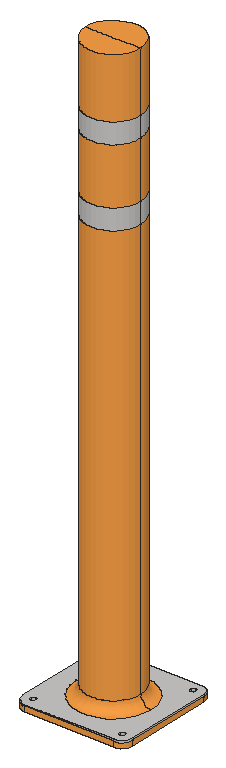
Revit family "Pilona BAR atornillable", category Furniture, Revit 2020
Family settings
  OmniClass Number = 23.40.20.00
  OmniClass Title = General Furniture and Specialties
  Work Plane-Based = No
  Always vertical = Yes
  Cut with Voids When Loaded = No
  Shared = No
  Room Calculation Point = No
Parameters (values of type "Pilona BAR atornillable-H414VA-80mm")
  URL_Producto = "https://www.benito.com/es/mobiliario-urbano/pilonas-flexibles/bar-atornillable--H214VA.html"
  Type Comments = "Absorbe cualquier impacto de vehículos y recupera la verticalidad al 100%. Supera una flexión de 1500 ciclos a 45º y 50 ciclos a 90º, sin daños. Clasificación “E” de comportamiento al fuego, según norma UNE-EN\r\n13501-1:2007+A1:2010. Resistente a -50º según norma UNE ISO 812."
  Referencia = "H414VA"
  Material = Polyurethane
  H = 0.870 m
  Ficha_Tecnica = "https://www.benito.com/es/download/data-sheet-H214VA"
  Fabricante = "BENITO URBAN SL"
  Description = "Pilona fabricada en poliuretano, con placa de refuerzo en acero inoxidable"
  Default Elevation = 0.000 m
  B = 0.160 m
  A = 0.080 m
Reference planes (m)
  plane 1 "Center (Front/Back)": y = 0
  plane 2: z = 0
  plane 3 "Center (Left/Right)": x = 0
  plane 4: z = 0.01
  plane 5: z = 0.87
  plane 6: y = 0.08
  plane 7: y = -0.08
  plane 8: x = -0.04
  plane 9: x = 0.04
Forms (m)
  Revolve 1, solid, material "Polyurethane"
    sketch origin (0, 0, 0) x (1, 0, 0) y (0, 0, 1)
      loop
        line (0, 0.87) -> (-0.04, 0.87) -> (-0.04, 0.7825) -> (-0.038957, 0.7825) -> (-0.038957, 0.7525) -> (-0.04, 0.7525) -> (-0.04, 0.67) -> (-0.038957, 0.67) -> (-0.038957, 0.64) -> (-0.04, 0.64) -> (-0.04, 0.025)
        arc (-0.04, 0.025) -> (-0.044393, 0.014393) -> (-0.055, 0.01) r 0.015
        line (-0.055, 0.01) -> (0, 0.01) -> (0, 0.87)
      axis (0, 0.87) -> (0, 0.01)
    angle from 0 to 360
  Revolve 2, solid, material "Stainless Steel"
    sketch origin (0, 0, 0) x (1, 0, 0) y (0, 0, 1)
      loop
        line (-0.04, 0.7825) -> (-0.04, 0.7525) -> (-0.038957, 0.7525) -> (-0.038957, 0.7825) -> (-0.04, 0.7825)
      loop
        line (-0.04, 0.67) -> (-0.04, 0.64) -> (-0.038957, 0.64) -> (-0.038957, 0.67) -> (-0.04, 0.67)
      axis (0, 0.7825) -> (0, 0.64)
    angle from 0 to 360
  Extrusion 3, solid, material "Polyurethane"
    sketch origin (0, 0, 0) x (1, 0, 0) y (0, 1, 0)
      loop
        arc (-0.065, 0.08) -> (-0.075607, 0.075607) -> (-0.08, 0.065) r 0.015
        line (-0.08, 0.065) -> (-0.08, -0.065)
        arc (-0.08, -0.065) -> (-0.075607, -0.075607) -> (-0.065, -0.08) r 0.015
        line (-0.065, -0.08) -> (0.065, -0.08)
        arc (0.065, -0.08) -> (0.075607, -0.075607) -> (0.08, -0.065) r 0.015
        line (0.08, -0.065) -> (0.08, 0.065)
        arc (0.08, 0.065) -> (0.075607, 0.075607) -> (0.065, 0.08) r 0.015
        line (0.065, 0.08) -> (-0.065, 0.08)
      loop
        circle (0.065, 0.065) r 0.004
      loop
        circle (0.065, -0.065) r 0.004
      loop
        circle (-0.065, 0.065) r 0.004
      loop
        circle (-0.065, -0.065) r 0.004
    from 0 to 0.0075
  Extrusion 4, solid, material "Stainless Steel"
    sketch origin (0, 0, 0.005) x (1, 0, 0) y (0, 1, 0)
      loop
        arc (-0.065, 0.08) -> (-0.075607, 0.075607) -> (-0.08, 0.065) r 0.015
        line (-0.08, 0.065) -> (-0.08, -0.065)
        arc (-0.08, -0.065) -> (-0.075607, -0.075607) -> (-0.065, -0.08) r 0.015
        line (-0.065, -0.08) -> (0.065, -0.08)
        arc (0.065, -0.08) -> (0.075607, -0.075607) -> (0.08, -0.065) r 0.015
        line (0.08, -0.065) -> (0.08, 0.065)
        arc (0.08, 0.065) -> (0.075607, 0.075607) -> (0.065, 0.08) r 0.015
        line (0.065, 0.08) -> (-0.065, 0.08)
      loop
        circle (0.065, 0.065) r 0.004
      loop
        circle (0.065, -0.065) r 0.004
      loop
        circle (-0.065, 0.065) r 0.004
      loop
        circle (-0.065, -0.065) r 0.004
    from 0.0025 to 0.005
Dimensions and locks (m)
  plane 5 to level = 0.870 m
  plane 7 to plane 6 = 0.160 m
  plane 8 to plane 9 = 0.080 m
  aligned and locked: level to plane 2
